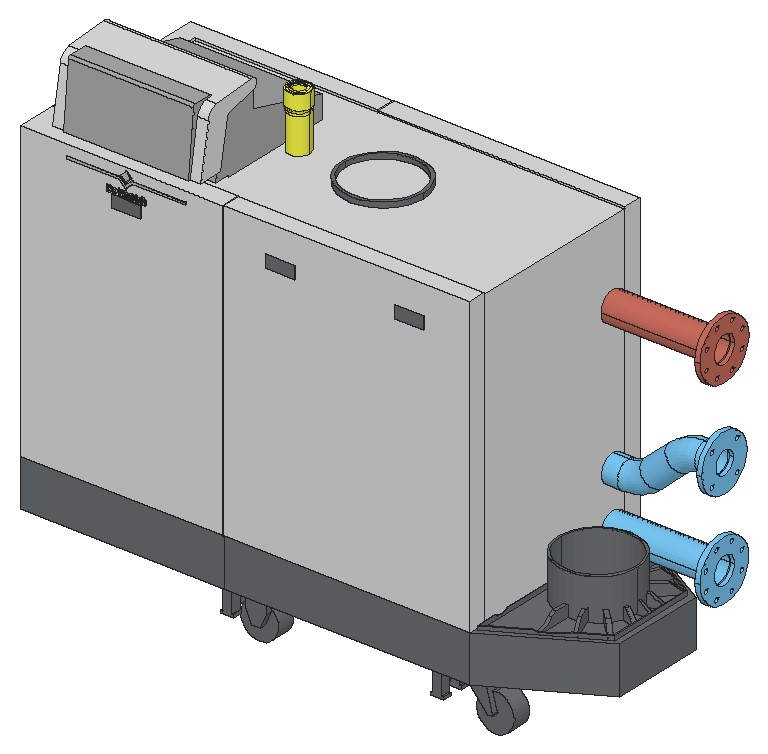
Revit family "HC_Boiler_Condensate Flow_MEPcontent_De Dietrich Thermique_C 340 5-7_Right_FR-FR", category Mechanical Equipment, Revit 2018
Family settings
  Round Connector Dimension = Use Diameter
  Classification = None
  Part Type = Normal
  OmniClass Number = 23.75.10.11.14
  OmniClass Title = Hot Water Heat Generators
  Work Plane-Based = No
  Always vertical = Yes
  Cut with Voids When Loaded = No
  Shared = No
  Room Calculation Point = No
Parameters (values of type "280 VD")
  Yellow = Color RGB 255-255-000
  Wholesaler Art. No. = ""
  Wholesaler = ""
  White = Color RGB 219-219-219
  Watermarked By = "https://mep.trimble.com"
  Voltage = 230 V
  Use Nominal Diameter = yes
  URL = "https://mep.trimble.com"
  Supply Air Flow [instance] = 0.0 L/s
  Stabu Code = ""
  Show Service Space [instance] = no
  Safety Valve Diameter = if(Use Nominal Diameter, 65 mm, 76.1 mm)  # 65 mm
  Safety Valve Connection Size = 40 mm
  Power [instance] = 0 VA
  Optional Connection [instance] = yes
  Logo = Color RGB 165-173-178
  Control Unit on Back [instance] = no
  Revit Version = "2018"  # constant formula
  Red = Color RAL 2002
  Product Line = "De Dietrich Thermique"  # constant formula
  Pipe Type Category = "M561"  # constant formula
  Phase = 1
  Overall Width = 707 mm
  Overall Length = 1862 mm
  Overall Height = 1550 mm
  Model = "280 VD"
  Manufacturer URL = "http://pro.dedietrich-thermique.fr/fr/site_pro"
  Manufacturer Art. No. = "7769076"
  Manufacturer = "De Dietrich Thermique"  # constant formula
  MEPcontent Class = "BOILER_CONDENSATE_FLOW"  # constant formula
  Light Gray = Color RGB 145-145-145
  Control Unit on Side [instance] = not(Control Unit on Back)  # yes
  Internal Art. No. = ""
  IFCExportType = "NOTDEFINED"  # constant formula
  IFCExportAs = "IfcBoiler"  # constant formula
  Hydronic Supply Flow 1 [instance] = Hydronic Return Flow 1  # 0.0 L/s
  Hydronic Return Flow 2 [instance] = 0.0 L/s
  Hydronic Return Flow 1 [instance] = 0.0 L/s
  Grey = Color RAL 7016
  Glass = Color RGB 218-227-224
  Gas Flow [instance] = 0.0 L/s
  GTIN = "8713809338886"
  GLN = "8713809000004"
  Function Code [instance] = ""
  Fuel Connection Size = if(Use Nominal Diameter, 50 mm, 60.3 mm)  # 50 mm
  Flue Gas Flow [instance] = 0.0 L/s
  Flue Connection Size = 250 mm
  Flow and Return Connection Size = if(Use Nominal Diameter, 80 mm, 88.9 mm)  # 80 mm
  Drain Fixture Units [instance] = 0
  Family Version = "12.18"  # constant formula
  ETIM Article Class = "EC010232"  # constant formula
  EMCS Version = "4.0"  # constant formula
  Drain Connection Size = 20 mm
  Description = "C 340 - 280 VD"
  Custom = no
  Copyright = "© Trimble Europe BV"  # constant formula
  Content Supplier URL = "www.MEPcontent.com"
  Connector Placement [instance] = 115 mm  # constant formula
  Condensate Drain Size = 32 mm
  CB-NL Class = ""
  Blue = Color RGB 075-186-252
  Base Family Version = "12.19"  # constant formula
  Article Type = "280 VD"
  Article Description = "C 340 - 280 VD"
  Air Inlet Connection Size = 250 mm
  Access Clearance Top = 450 mm
  Access Clearance Right = 150 mm
  Access Clearance Rear = 300 mm
  Access Clearance Left = 800 mm
  Access Clearance Front = 800 mm
  Access Clearance Bottom = 0 mm
Reference planes
  plane 1 "Center (Front/Back)": y = 0
  plane 2: z = 0
  plane 3 "Center (Left/Right)": x = 0
  plane 4: x = -931
  plane 5: x = 931
  plane 6: y = 353.5
  plane 7: y = -353.5
  plane 8: z = 1550
  plane 9: z = 155
  plane 10: z = 1293
  plane 11: x = -559
  plane 12: z = 1023
  plane 13: z = 686
  plane 14: z = 366
  plane 15: y = 238.5
  plane 16: y = 238.5
  plane 17: y = 0.5
  plane 18: x = 11
  plane 19: z = 1477
Dimensions and locks
  equal spacing: plane 7, plane 1 "Center (Front/Back)", plane 6
  equal spacing: plane 4, plane 3 "Center (Left/Right)", plane 5
  plane 4 to plane 5 = 1862 mm
  plane 6 to plane 7 = 707 mm
  plane 8 to plane 2 = 1550 mm
  locked: plane 9 to plane 2 at 155
  plane 5 to plane 11 = 1490 mm
  plane 8 to plane 10 = 257 mm
  nested 1 to plane 6 = 300 mm
  plane 7 to nested 1 = 800 mm
  nested 1 to plane 4 = 150 mm
  plane 14 to level = 366 mm
  plane 13 to plane 14 = 320 mm
  plane 12 to plane 13 = 337 mm
  plane 6 to plane 15 = 115 mm
  "Connector Placement": plane 6 to plane 16
  plane 9 to level = 155 mm
  plane 18 to plane 5 = 920 mm
  plane 19 to level = 1477 mm
  plane 10 to level = 1293 mm
  locked: plane 10 to plane 9 at 1138
  plane 5 to nested 1 = 800 mm
  aligned and locked: level to plane 2
Nested families
  nested 1: "Service Space" at (650, 0, 0), visible <- "Show Service Space", Show Service Area <- "Show Service Space", type "Service Space"
    with Show Service Area no, Depth 707 mm, Top Clearance 450 mm, Right Clearance 150 mm, Front Clearance 800 mm, Width 1862 mm, Height 1550 mm, Back Clearance 300 mm
  nested 2: "3D Geometry" at (0, 0, 0) x (-1, 0, 0) z (0, 0, 1), Control Unit on Back <- "Control Unit on Back", Optional Connection <- "Optional Connection", type "3D Geometry"
    with Supply Air Flow 0.0 L/s, Show Service Space no, Optional Connection yes, Hydronic Supply Flow 1 0.0 L/s, Hydronic Return Flow 2 0.0 L/s, Hydronic Return Flow 1 0.0 L/s, Gas Flow 0.0 L/s, Function Code "", Flue Gas Flow 0.0 L/s, Drain Fixture Units 0, Control Unit on Side yes, Control Unit on Back no, Connector Placement 115 mm
Connectors
  piping at (931, 238.5, 1023), diameter 80, driven by "Flow and Return Connection Size", driven by "Hydronic Supply Flow 1"
    settings: on nested 2, index 1, connector inside diameter 609.6 mm, connector length 0 mm, flow factor 0, pipe flow 0.0 L/s, pressure drop 0.0 Pa, fitting loss kfactor 0, connector angle 0.00°, fixture units 0, engagement length 0 mm, angle of deflection 0.00°, flow configuration 0, flow direction 2, fitting loss method 0, system type 7, joint type 0, gender type 0, connector reference index -1, connector utility 0, adjustable connector no, is connector primary yes, connector description "Hydronic Supply 1[0]"
  piping at (931, 239.594, 686), diameter 65, driven by "Safety Valve Diameter", driven by "Hydronic Return Flow 2"
    settings: on nested 2, index 2, connector inside diameter 609.6 mm, connector length 0 mm, flow factor 0, pipe flow 0.0 L/s, pressure drop 0.0 Pa, fitting loss kfactor 0, connector angle 0.00°, fixture units 0, engagement length 0 mm, angle of deflection 0.00°, flow configuration 0, flow direction 1, fitting loss method 0, system type 7, joint type 0, gender type 0, connector reference index -1, connector utility 0, adjustable connector no, is connector primary no, connector description "Hydronic Return 2[0]"
  piping at (931, 238.5, 366), diameter 80, driven by "Flow and Return Connection Size", driven by "Hydronic Return Flow 1"
    settings: on nested 2, index 3, connector inside diameter 609.6 mm, connector length 0 mm, flow factor 0, pipe flow 0.0 L/s, pressure drop 0.0 Pa, fitting loss kfactor 0, connector angle 0.00°, fixture units 0, engagement length 0 mm, angle of deflection 0.00°, flow configuration 1, flow direction 1, fitting loss method 0, system type 7, joint type 0, gender type 0, connector reference index -1, connector utility 0, adjustable connector no, is connector primary no, connector description "Hydronic Return 1[0]"
  piping at (703.515, 0, 447), diameter 250, driven by "Flue Connection Size", driven by "Flue Gas Flow"
    settings: on nested 2, index 4, connector inside diameter 609.6 mm, connector length 0 mm, flow factor 0, pipe flow 0.0 L/s, pressure drop 0.0 Pa, fitting loss kfactor 0, connector angle 0.00°, fixture units 0, engagement length 0 mm, angle of deflection 0.00°, flow configuration 1, flow direction 2, fitting loss method 0, system type 7, joint type 0, gender type 0, connector reference index -1, connector utility 0, adjustable connector no, is connector primary no, connector description "Flue Gas"
  piping at (-290, 0.5, 1477), diameter 50, driven by "Fuel Connection Size", driven by "Gas Flow"
    settings: on nested 2, index 6, connector inside diameter 609.6 mm, connector length 0 mm, flow factor 0, pipe flow 0.0 L/s, pressure drop 0.0 Pa, fitting loss kfactor 0, connector angle 0.00°, fixture units 0, engagement length 0 mm, angle of deflection 0.00°, flow configuration 1, flow direction 1, fitting loss method 0, system type 22, joint type 0, gender type 0, connector reference index -1, connector utility 0, adjustable connector no, is connector primary no, connector description "Gas"
  piping at (-496.822, 0, 130), diameter 32, driven by "Condensate Drain Size", driven by "Drain Fixture Units"
    settings: on nested 2, index 7, connector inside diameter 609.6 mm, connector length 0 mm, flow factor 0, pipe flow 0.0 L/s, pressure drop 0.0 Pa, fitting loss kfactor 0, connector angle 0.00°, fixture units 0, engagement length 0 mm, angle of deflection 0.00°, flow configuration 3, flow direction 2, fitting loss method 0, system type 16, joint type 0, gender type 0, connector reference index -1, connector utility 0, adjustable connector no, is connector primary no, connector description "Drain"
  hvac at (-10.153, 0.5, 1310), driven by "Air Inlet Connection Size", driven by "Supply Air Flow"
    settings: on nested 2, index 8, duct flow 0.0 L/s, flow factor 0, pres drop 0.0 bar, loss coef 0, conn angle 0.00°, conn width 304.8 mm, conn height 304.8 mm, conn diameter 250 mm, duct sys type 1, conn prof type 0, flow config 1, flow direction 1, loss method 0, conn ref index -1, conn util no, is conn primary yes, conn desc "Supply Air"
  electrical at (-932.347, -0.5, 801.5), driven by "Phase", driven by "Voltage", driven by "Power"
    settings: on nested 2, index 9, voltage 230 V, apparent load 0 VA, apparent load phase1 0 VA, apparent load phase2 0 VA, apparent load phase3 0 VA, power factor 1, load classification "Other", number of poles 1, system type 30, power factor state 1, is connector primary yes, connector utility no, sub classification motor no, connector description "Voltage"
Definition of nested family "3D Geometry"
  Parameters (values of type "3D Geometry")
    Yellow = none
    Wholesaler Art. No. = ""
    Wholesaler = ""
    White = none
    Weekly = ""
    Watermarked By = "www.stabiplan.com"
    Water Treatment Required = yes
    Water Content = 49.0 L
    Warranty ID = ""
    Voltage = 230 V
    Use Nominal Diameter = yes
    URL = "www.stabiplan.com"
    Type = "Space heating"
    Turndown Ratio = "4.9"
    Supply Phase = 1
    Supply Air Flow [instance] = 0.0 L/s
    Starting Current = 0 A
    Stabu Code = ""
    Sound Pressure Level = "77.6 dBA"
    Show Service Space [instance] = no
    Shipping Weight = 0.00 kg
    Shape = "Rectangular (Horizontal)"
    Safety Valve Diameter = if(Use Nominal Diameter, 65 mm, 76.1 mm)  # 65 mm
    Safety Valve Connection Type = "Threaded"
    Safety Valve Connection Size = 40 mm
    Optional Connection [instance] = no
    Logo = none
    Light Gray = none
    Control Unit on Back [instance] = yes
    Revit Version = "2018"  # constant formula
    Responsible Sourcing of Materials = ""
    Responsible Extraction of Materials = ""
    Reference Standard = "2009/142EC 92/42EEC"
    Red = none
    Rated Output = 258 W
    Rated Criteria = "80/60"
    Quarterly = ""
    Product Range = "Gas 320 Ace 285"
    Product Model Number = ""
    Product Literature = "https://www.remeha.co.uk/product-documents/current-literature"
    Product Line = "Gas 320 Ace"  # constant formula
    Primary Fuel = "Gas - NG"
    Pipe Type Category = "M561"  # constant formula
    Phase = 1
    Overall Width = 707 mm
    Overall Length = 1862 mm
    Overall Height = 1550 mm
    Optional Fuel = "No Optional Fuel"
    Oil Consumption rate = 0
    O&M Manual = "https://www.remeha.co.uk/product-documents/current-literature"
    Nominal Oil Inlet Pressure = 0.0 bar
    Nominal Gas Inlet Pressure = 0.017 bar
    NOx Emissions = "0 mg/kWh"
    Mounting = "Floor Standing"
    Monthly = ""
    Model = "285"
    Minimum Power Consumption = 46 W
    Minimum Operating Pressure = 0.8 bar
    Minimum Oil Inlet Pressure = 0.0 bar
    Minimum Gas Inlet Pressure = 0.017 bar
    Minimum Flow Rate at 20C temperature differential = 3.09 L/s
    Minimum Flow Rate at 11C temperature differential = 5.61 L/s
    Maximum Power Consumption = 279 W
    Maximum Operating Pressure = 7.0 bar
    Maximum Oil Inlet Pressure = 0.0 bar
    Maximum Gas Inlet Pressure = 0.03 bar
    Material Ingredient Reporting = ""
    Manufacturer Website = "https://www.remeha.co.uk/"
    Manufacturer URL = "https://www.remeha.co.uk/"
    Manufacturer Art. No. = ""
    Manufacturer = "Remeha"  # constant formula
    Maintenance Required 8001-12000hrs = ""
    Maintenance Required 601-1000hrs = ""
    Maintenance Required 4001-8000hrs = ""
    Maintenance Required 301-600hrs = ""
    Maintenance Required 2001-4000hrs = ""
    Maintenance Required 1001-2000hrs = ""
    Maintenance Required 0-300hrs = ""
    MEPcontent Class = "BOILER_CONDENSATE_FLOW"  # constant formula
    Location of Manufacturer = ""
    Life Cycle Analysis = 0
    Control Unit on Side [instance] = if(Control Unit on Back, 1 = 0, 1 = 1)  # no
    Internal Art. No. = ""
    Interlocks = yes
    IP Rating = "X1B"
    IK Rating = ""
    IFCExportType = "NOTDEFINED"  # constant formula
    IFCExportAs = "IfcBoiler"  # constant formula
    Hydronic Supply Flow 1 [instance] = Hydronic Return Flow 1  # 0.0 L/s
    Hydronic Return Flow 2 [instance] = 0.0 L/s
    Hydronic Return Flow 1 [instance] = 0.0 L/s
    Hydraulic Resistance at 20C temperature differential = 0.113 bar
    Hydraulic Resistance at 11C temperature differential = 0.374 bar
    Heater Operation = "Condensing"
    Heat Exchanger Material = "Aluminium"
    Gross Weight = 364.00 kg
    Grey = none
    Green Guide for Specification = ""
    Glass = none
    Gas Flow [instance] = 0.0 L/s
    Gas Consumption rate = "28.1 m3/h"
    GTIN = ""
    GLN = "8713809000004"
    Fuse Rating = 10 A
    Function Code [instance] = ""
    Full Load Current = 0 A
    Fuel Connection Type = "Threaded"
    Fuel Connection Size = if(Use Nominal Diameter, 50 mm, 60.3 mm)  # 50 mm
    Frequency = 50 Hz
    Flue or Air Intake Classification = "B23,B23P,C33,C53,C63,C83,C93"
    Flue Gas Flow [instance] = 0.0 L/s
    Flue Connection Size = 250 mm
    Flow and Return Connection Type = "Flanged"
    Flow and Return Connection Size = if(Use Nominal Diameter, 80 mm, 88.9 mm)  # 80 mm
    Drain Fixture Units [instance] = 0
    Finish = "Gloss Grade 70% ISO2813"
    Features = "Remeha's Gas 320 Ace 285 range are compact high efficiency floor standing gas condensing boilers. Ideally suited for single or multiple cascade arrangments for new and refurbishment projects"
    Family Version = "12.17"  # constant formula
    External Material = "Steel"
    Expected Life = "15"
    ErP Seasonal Efficiency = "0 %"
    ErP Rated Efficiency at Part Load = "98.6 %"
    ErP Rated Efficiency at Full Load = "88.2 %"
    ErP Energy Label = ""
    Environmental Product Declaration = ""
    Energy Technology List = ""
    Embodied Carbon  = ""
    ETIM Article Class = "EC010232"  # constant formula
    EMCS Version = "4.0"  # constant formula
    Drain Connection Type = "Unset"
    Drain Connection Size = 20 mm
    Description = "Gas condensing boilers"
    Daily = ""
    Custom = no
    Copyright = "© Stabiplan International BV"  # constant formula
    Control Type = "R-Bus,0 - 10V, Open Therm, Volt free enable, Direct boiler weather compensating control systems available from Remeha as optional extra's."
    Content Supplier URL = "www.MEPcontent.com"
    Connector Placement [instance] = 115 mm  # constant formula
    Configuration = "Single boiler"
    Condensate Drain Type = "Threaded"
    Condensate Drain Size = 32 mm
    Colour = "RAL 2002Red : RAL 7016 Dark Grey"
    CE Approval = "0063CU3937"
    CB-NL Class = ""
    Burner Control Type = "Modulating"
    Building Regulations Seasonal Efficiency = "96.62 %"
    Blue = none
    Bespoke Timeframe = ""
    Base Family Version = "12.17"  # constant formula
    BMS Links = yes
    Article Type = "285"
    Article Description = "Gas condensing boilers"
    Annually = "As per attached URL O & M Manual"
    Air Inlet Connection Size = 250 mm
    Additional Technical Details = ""
    Access Clearance Top = 450 mm
    Access Clearance Right = 150 mm
    Access Clearance Rear = 300 mm
    Access Clearance Left = 800 mm
    Access Clearance Front = 800 mm
    Access Clearance Bottom = 0 mm
    6 Monthly = ""
  Reference planes
    plane 1 "Center (Front/Back)": y = 0
    plane 2: z = 0
    plane 3 "Center (Left/Right)": x = 0
    plane 4: x = -931
    plane 5: x = 931
    plane 6: y = 353.5
    plane 7: y = -353.5
    plane 8: z = 1550
    plane 9: z = 155
    plane 10: z = 1293
    plane 11: x = -559
    plane 12: z = 1023
    plane 13: z = 686
    plane 14: z = 366
    plane 15: y = 238.5
    plane 16: y = 238.5
    plane 17: y = 0.5
    plane 18: x = 11
    plane 19: z = 1477
  Forms (mm)
    Extrusion 1, solid, material <- "Grey", detail levels fine
      sketch origin (14.5, 351, 0) x (-1, 0, 0) y (0, -1, 0)
        loop
          line (-243, -2.5) -> (574.658, -2.5) -> (916.5, 195.03) -> (916.5, 507.97) -> (574.658, 704.5) -> (-243, 704.5) -> (-916.5, 704.5) -> (-916.5, -2.5) -> (-243, -2.5)
      from 155 to 310
    Extrusion 2, solid, material <- "Grey", detail levels fine
      sketch origin (14.5, 247.05, 366) x (0, 0, -1) y (-1, 0, 0)
        loop
          circle (303.778, 613.979) r 62.485
      from -11.05 to 48.95
    Extrusion 3, solid, material <- "Grey", detail levels fine
      sketch origin (14.5, 247.05, 366) x (0, 0, -1) y (-1, 0, 0)
        loop
          line (211, 594) -> (211, 519) -> (308.122, 600.495) -> (308.122, 614)
          arc (308.122, 614) -> (306.314, 617.667) -> (302.304, 618.465) r 4.622
          line (302.304, 618.465) -> (211, 594)
      from 0 to 63.95
    Extrusion 4, solid, material <- "Grey", detail levels fine
      sketch origin (14.5, 247.05, 366) x (0, 0, -1) y (-1, 0, 0)
        loop
          line (296, 430) -> (296, 423.787) -> (306, 423.787) -> (306, 466.213) -> (296, 466.213) -> (296, 460) -> (211, 460) -> (211, 430) -> (296, 430)
      from -24.05 to 5.95
    Extrusion 5, solid, material <- "Grey", detail levels fine
      sketch origin (14.5, 302.436, 366) x (0, 0, -1) y (1, 0, 0)
        loop
          line (296, -430) -> (211, -430) -> (211, -460) -> (296, -460) -> (296, -466.213) -> (306, -466.213) -> (306, -423.787) -> (296, -423.787) -> (296, -430)
      from -24.05 to 5.95
    Extrusion 6, solid, material <- "Grey", detail levels fine
      sketch origin (14.5, -247.05, 366) x (0, 0, -1) y (1, 0, 0)
        loop
          circle (303.778, -613.979) r 62.485
      from -11.05 to 48.95
    Extrusion 7, solid, material <- "Grey", detail levels fine
      sketch origin (14.5, -247.05, 366) x (0, 0, -1) y (1, 0, 0)
        loop
          line (211, -594) -> (302.304, -618.465)
          arc (302.304, -618.465) -> (306.314, -617.667) -> (308.122, -614) r 4.622
          line (308.122, -614) -> (308.122, -600.495) -> (211, -519) -> (211, -594)
      from 0 to 63.95
    Extrusion 8, solid, material <- "Grey", detail levels fine
      sketch origin (14.5, -247.05, 366) x (0, 0, -1) y (1, 0, 0)
        loop
          line (296, -430) -> (211, -430) -> (211, -460) -> (296, -460) -> (296, -466.213) -> (306, -466.213) -> (306, -423.787) -> (296, -423.787) -> (296, -430)
      from -24.05 to 5.95
    Extrusion 9, solid, material <- "Grey", detail levels fine
      sketch origin (14.5, -302.436, 366) x (0, 0, -1) y (-1, 0, 0)
        loop
          line (296, 430) -> (296, 423.787) -> (306, 423.787) -> (306, 466.213) -> (296, 466.213) -> (296, 460) -> (211, 460) -> (211, 430) -> (296, 430)
      from -24.05 to 5.95
    Extrusion 10, solid, material <- "Grey", detail levels fine
      sketch origin (1019.5, 247.05, 366) x (0, 0, -1) y (-1, 0, 0)
        loop
          circle (303.778, 837.172) r 62.485
      from -11.05 to 48.95
    Extrusion 11, solid, material <- "Grey", detail levels fine
      sketch origin (1019.5, 247.05, 366) x (0, 0, -1) y (-1, 0, 0)
        loop
          line (268.896, 872.18) -> (211, 872.18) -> (211, 802.164) -> (268.896, 802.164) -> (316.024, 822.169) -> (316.024, 852.176) -> (268.896, 872.18)
      from 0 to 63.95
    Extrusion 12, solid, material <- "Grey", detail levels fine
      sketch origin (1019.5, 247.05, 366) x (0, 0, -1) y (-1, 0, 0)
        loop
          line (296, 739.5) -> (296, 733.287) -> (306, 733.287) -> (306, 775.713) -> (296, 775.713) -> (296, 769.5) -> (211, 769.5) -> (211, 739.5) -> (296, 739.5)
      from -24.05 to 5.95
    Extrusion 13, solid, material <- "Grey", detail levels fine
      sketch origin (1019.5, 302.436, 366) x (0, 0, -1) y (1, 0, 0)
        loop
          line (296, -739.5) -> (211, -739.5) -> (211, -769.5) -> (296, -769.5) -> (296, -775.713) -> (306, -775.713) -> (306, -733.287) -> (296, -733.287) -> (296, -739.5)
      from -24.05 to 5.95
    Extrusion 14, solid, material <- "Grey", detail levels fine
      sketch origin (1019.5, -247.05, 366) x (0, 0, -1) y (1, 0, 0)
        loop
          circle (303.778, -837.172) r 62.485
      from -11.05 to 48.95
    Extrusion 15, solid, material <- "Grey", detail levels fine
      sketch origin (1019.5, -247.05, 366) x (0, 0, -1) y (1, 0, 0)
        loop
          line (211, -802.164) -> (211, -872.18) -> (268.896, -872.18) -> (316.024, -852.176) -> (316.024, -822.169) -> (268.896, -802.164) -> (211, -802.164)
      from 0 to 63.95
    Extrusion 16, solid, material <- "Grey", detail levels fine
      sketch origin (1019.5, -247.05, 366) x (0, 0, -1) y (1, 0, 0)
        loop
          line (296, -739.5) -> (211, -739.5) -> (211, -769.5) -> (296, -769.5) -> (296, -775.713) -> (306, -775.713) -> (306, -733.287) -> (296, -733.287) -> (296, -739.5)
      from -24.05 to 5.95
    Extrusion 17, solid, material <- "Grey", detail levels fine
      sketch origin (1019.5, -302.436, 366) x (0, 0, -1) y (-1, 0, 0)
        loop
          line (296, 739.5) -> (296, 733.287) -> (306, 733.287) -> (306, 775.713) -> (296, 775.713) -> (296, 769.5) -> (211, 769.5) -> (211, 739.5) -> (296, 739.5)
      from -24.05 to 5.95
    Extrusion 18, solid, material <- "White", detail levels fine
      sketch origin (14.5, 351, 0) x (-1, 0, 0) y (0, -1, 0)
        loop
          line (573.5, -2.5) -> (573.5, 59.5) -> (-243, 59.5) -> (-855, 59.5) -> (-855, 643.5) -> (573.5, 643.5) -> (573.5, 704.5) -> (-243, 704.5) -> (-916.5, 704.5) -> (-916.5, -2.5) -> (-243, -2.5) -> (573.5, -2.5)
      from 310 to 1293
    Extrusion 19, solid, material <- "White", detail levels fine
      sketch origin (14.5, 351, 0) x (-1, 0, 0) y (0, -1, 0)
        loop
          line (-243, 59.5) -> (573.5, 59.5) -> (573.5, 643.5) -> (-855, 643.5) -> (-855, 59.5) -> (-243, 59.5)
      from 310 to 1287
    Extrusion 20, solid, material <- "Grey", detail levels fine
      sketch origin (14.5, 247.05, 366) x (0, 0, -1) y (-1, 0, 0)
        loop
          line (248.233, -439.5) -> (248.233, -429.5) -> (361, -429.5) -> (361, -389.5) -> (331, -389.5) -> (331, -312.5) -> (211, -312.5) -> (211, -439.5) -> (248.233, -439.5)
      from -312.05 to -182.05
    Extrusion 21, solid, material <- "Grey", detail levels fine
      sketch origin (14.5, 244.407, 366) x (0, 0, -1) y (-1, 0, 0)
        loop
          line (-832.014, -102.008) -> (-791.002, -102.008) -> (-791.002, -5.004) -> (-832.014, -5.004) -> (-832.014, -102.008)
        loop
          line (-832.014, 326.501) -> (-791.002, 326.501) -> (-791.002, 423.505) -> (-832.014, 423.505) -> (-832.014, 326.501)
        loop
          line (-832.014, -612.498) -> (-791.002, -612.498) -> (-791.002, -515.494) -> (-832.014, -515.494) -> (-832.014, -612.498)
      from -598.107 to -594.706
    Extrusion 22, solid, material <- "White", detail levels fine
      sketch origin (14.5, 351, 0) x (0, 1, 0) y (0, 0, -1)
        loop
          line (-137, -310) -> (-566, -310) -> (-566, -1293) -> (-137, -1293) -> (-137, -310)
      from -917.847 to -916.5
    Extrusion 23, solid, material <- "Grey", detail levels fine
      sketch origin (14.5, 351.146, 0) x (0, 1, 0) y (0, 0, -1)
        loop
          line (-595.437, -310) -> (-595.437, -317.361)
          arc (-595.437, -317.361) -> (-568.185, -321.879) -> (-547.708, -340.419) r 49
          line (-547.708, -340.419) -> (-528.796, -349.5) -> (-479.796, -349.5) -> (-479.796, -310) -> (-595.437, -310)
      from 710.659 to 722.721
    Extrusion 24, solid, material <- "Grey", detail levels fine
      sketch origin (14.5, -351, 0) x (0, -1, 0) y (0, 0, 1)
        loop
          line (-481.432, 349.5) -> (-530.453, 349.5) -> (-596.711, 320) -> (-596.711, 310) -> (-481.432, 310) -> (-481.432, 349.5)
      from 710.659 to 722.721
    Extrusion 25, solid, material <- "Grey", detail levels fine
      sketch origin (241.682, -23.833, 0) x (0.374607, -0.927184, 0) y (0, 0, 1)
        loop
          line (-505.854, 349.5) -> (-556.289, 349.5) -> (-595.437, 317.5) -> (-595.437, 310) -> (-505.854, 310) -> (-505.854, 349.5)
      from 865.159 to 877.221
    Extrusion 26, solid, material <- "Grey", detail levels fine
      sketch origin (167.727, 367.176, 0) x (0.71934, -0.694658, 0) y (0, 0, 1)
        loop
          line (-501.507, 349.5) -> (-556.289, 349.5) -> (-597.292, 316.102) -> (-597.292, 310) -> (-501.507, 310) -> (-501.507, 349.5)
      from 865.159 to 877.221
    Extrusion 27, solid, material <- "Grey", detail levels fine
      sketch origin (-29.587, 691.406, 0) x (0.945519, -0.325568, 0) y (0, 0, 1)
        loop
          line (-541.08, 349.5) -> (-556.289, 349.5) -> (-594.41, 318.274) -> (-594.41, 310) -> (-541.08, 310) -> (-541.08, 349.5)
      from 865.159 to 877.221
    Extrusion 28, solid, material <- "Grey", detail levels fine
      sketch origin (-438.442, 872.84, 0) x (1, 0, 0) y (0, 0, 1)
        loop
          line (-394.689, 349.5) -> (-401.789, 349.5) -> (-438.646, 321.726) -> (-438.646, 310) -> (-394.689, 310) -> (-394.689, 349.5)
      from 865.159 to 877.221
    Extrusion 29, solid, material <- "Grey", detail levels fine
      sketch origin (-29.587, -691.406, 0) x (0.945519, 0.325568, 0) y (0, 0, -1)
        loop
          line (-542.69, -349.5) -> (-542.69, -310) -> (-593.583, -310) -> (-593.583, -318.897) -> (-556.289, -349.5) -> (-542.69, -349.5)
      from 865.159 to 877.221
    Extrusion 30, solid, material <- "Grey", detail levels fine
      sketch origin (241.682, 23.833, 0) x (0.374607, 0.927184, 0) y (0, 0, -1)
        loop
          line (-503.593, -349.5) -> (-503.593, -312.5) -> (-591.94, -312.5) -> (-591.94, -320.842) -> (-553.909, -349.5) -> (-503.593, -349.5)
      from 865.159 to 877.221
    Extrusion 31, solid, material <- "Grey", detail levels fine
      sketch origin (14.5, 351, 0) x (-1, 0, 0) y (0, -1, 0)
        loop
          line (582.5, 680.368) -> (582.5, 21.632) -> (892.5, 200.829) -> (892.5, 502.171) -> (582.5, 680.368)
        loop
          line (585.5, 675.179) -> (585.5, 26.821) -> (889.5, 202.563) -> (889.5, 500.437) -> (585.5, 675.179)
      from 310 to 324.816
    Extrusion 32, solid, material <- "Grey", detail levels fine
      sketch origin (14.5, 351, 0) x (-1, 0, 0) y (0, -1, 0)
        loop
          circle (718.015, 351) r 125
        loop
          circle (718.015, 351) r 132
      from 310 to 447
    Extrusion 33, solid, material <- "Blue", detail levels fine
      sketch origin (14.5, 349.5, -2.5) x (0, 1, 0) y (0, 0, -1)
        loop
          circle (-111, -368.5) r 44.45
        loop
          circle (-111, -368.5) r 49
      from 573.5 to 928.5
    Extrusion 34, solid, material <- "Red", detail levels fine
      sketch origin (14.5, 340.125, 650.996) x (0, 1, 0) y (0, 0, -1)
        loop
          circle (-101.625, -372.004) r 44.45
        loop
          circle (-101.625, -372.004) r 49
      from 573.5 to 928.5
    Extrusion 35, solid, material <- "Grey", detail levels fine
      sketch origin (12.207, 351.5, 0) x (-1, 0, 0) y (0, -1, 0)
        loop
          circle (1.207, 351) r 125
        loop
          circle (2.054, 351) r 135
      from 1293 to 1310
    Extrusion 36, solid, material <- "Yellow", detail levels fine
      sketch origin (14.5, 351.5, 0) x (-1, 0, 0) y (0, -1, 0)
        loop
          circle (-275.5, 351) r 30.15
        loop
          circle (-275.316, 351) r 35
      from 1293 to 1477
    Extrusion 37, solid, material <- "Grey", detail levels fine
      sketch origin (14.5, 351, 0) x (-1, 0, 0) y (0, -1, 0)
        loop
          circle (-482.322, 351) r 21.2
      from 130 to 155
    Sweep 38, solid, material <- "Blue", visible <- "Optional Connection", detail levels fine
      path origin (0, 238.5, 1711.733) x (0, 0, 1) y (-1, 0, 0)
        loop
          line (-1025.733, 914) -> (-1025.733, 869.801)
          arc (-1025.733, 869.801) -> (-1034.464, 823.656) -> (-1059.451, 783.892) r 126.3
          line (-1059.451, 783.892) -> (-1136.758, 700.581)
          arc (-1136.758, 700.581) -> (-1161.745, 660.816) -> (-1170.477, 614.672) r 126.3
          line (-1170.477, 614.672) -> (-1170.477, 559)
      profile origin (-891.9, 238.5, 686) x (0, 0, 1) y (0, -1, 0)
        loop
          circle (0, 1) r 45.7
        loop
          circle (0, 0.844) r 38.05
    Extrusion 39, void
      sketch origin (169, 988.676, 5) x (0, 1, 0) y (0, 0, 1)
        loop
          line (-1342.176, 1288) -> (-1342.176, 150) -> (-1334.676, 150) -> (-1334.676, 1280.903) -> (-642.676, 1280.903) -> (-642.676, 150) -> (-635.176, 150) -> (-635.176, 1288) -> (-1342.176, 1288)
      from 87 to 90.5
    Extrusion 40, solid, material <- "Red", detail levels fine
      sketch origin (170, 2125.587, -334.845) x (0, 1, 0) y (0, 0, 1)
        loop
          circle (-1887.087, 1357.845) r 99.5
        loop
          circle (-1917.587, 1431.845) r 9
        loop
          circle (-1854.313, 1431.845) r 9
        loop
          circle (-1917.587, 1283.845) r 9
        loop
          circle (-1854.313, 1283.845) r 9
        loop
          circle (-1813.087, 1388.345) r 9
        loop
          circle (-1813.087, 1327.345) r 9
        loop
          circle (-1961.087, 1388.345) r 9
        loop
          circle (-1961.087, 1327.345) r 9
        loop
          circle (-1887.087, 1357.845) r 44.45
      from -1101 to -1084
    Extrusion 41, solid, material <- "Blue", detail levels fine
      sketch origin (170, 2134.458, -990.844) x (0, 1, 0) y (0, 0, 1)
        loop
          circle (-1895.958, 1356.844) r 99.5
        loop
          circle (-1928.731, 1430.844) r 9
        loop
          circle (-1865.458, 1430.844) r 9
        loop
          circle (-1928.731, 1282.844) r 9
        loop
          circle (-1865.458, 1282.844) r 9
        loop
          circle (-1824.231, 1387.344) r 9
        loop
          circle (-1824.231, 1326.344) r 9
        loop
          circle (-1972.231, 1387.344) r 9
        loop
          circle (-1972.231, 1326.344) r 9
        loop
          circle (-1895.958, 1356.844) r 44.45
      from -1101 to -1084
    Revolve 42, solid, material <- "Yellow", detail levels fine
      sketch origin (14.5, 0.5, 364) x (0, 0, -1) y (-1, 0, 0)
        loop
          line (-1113, -314.329) -> (-1064.5, -314.329) -> (-1055.271, -311.229) -> (-1047.5, -311.229) -> (-1047.5, -296.329) -> (-1113, -296.329) -> (-1113, -314.329)
        axis (-1113, -275.5) -> (-1047.5, -275.5)
      angle from 0 to 360
    Extrusion 43, void
      sketch origin (14.5, 343.176, 0) x (1, 0, 0) y (0, 1, 0)
        loop
          circle (275.5, -342.7) r 25.4
      from 1289 to 1475
    Extrusion 44, solid, detail levels coarse+medium
      sketch origin (14.5, 351, 0) x (-1, 0, 0) y (0, -1, 0)
        loop
          line (-238.5, -2.5) -> (574.658, -2.5) -> (916.088, 194.792) -> (916.088, 508.298) -> (574.816, 704.5) -> (-238.5, 704.5) -> (-912, 704.5) -> (-912, -2.5) -> (-238.5, -2.5)
      from 155 to 310
    Extrusion 45, solid, detail levels coarse+medium
      sketch origin (14.5, 247.05, 366) x (0, 0, -1) y (-1, 0, 0)
        loop
          circle (303.778, 613.979) r 62.485
      from -11.05 to 48.95
    Extrusion 46, solid, detail levels coarse+medium
      sketch origin (14.5, 247.05, 366) x (0, 0, -1) y (-1, 0, 0)
        loop
          line (211, 594) -> (211, 519) -> (308.122, 600.495) -> (308.122, 614)
          arc (308.122, 614) -> (306.314, 617.667) -> (302.304, 618.465) r 4.622
          line (302.304, 618.465) -> (211, 594)
      from 0 to 63.95
    Extrusion 47, solid, detail levels coarse+medium
      sketch origin (14.5, -247.05, 366) x (0, 0, -1) y (1, 0, 0)
        loop
          circle (303.778, -613.979) r 62.485
      from -11.05 to 48.95
    Extrusion 48, solid, detail levels coarse+medium
      sketch origin (14.5, -247.05, 366) x (0, 0, -1) y (1, 0, 0)
        loop
          line (211, -594) -> (302.304, -618.465)
          arc (302.304, -618.465) -> (306.314, -617.667) -> (308.122, -614) r 4.622
          line (308.122, -614) -> (308.122, -600.495) -> (211, -519) -> (211, -594)
      from 0 to 63.95
    Extrusion 49, solid, detail levels coarse+medium
      sketch origin (1019.5, 247.05, 366) x (0, 0, -1) y (-1, 0, 0)
        loop
          circle (303.778, 837.172) r 62.485
      from -11.05 to 48.95
    Extrusion 50, solid, detail levels coarse+medium
      sketch origin (1019.5, 247.05, 366) x (0, 0, -1) y (-1, 0, 0)
        loop
          line (268.896, 872.18) -> (211, 872.18) -> (211, 802.164) -> (268.896, 802.164) -> (316.024, 822.169) -> (316.024, 852.176) -> (268.896, 872.18)
      from 0 to 63.95
    Extrusion 51, solid, detail levels coarse+medium
      sketch origin (1019.5, -247.05, 366) x (0, 0, -1) y (1, 0, 0)
        loop
          circle (303.778, -837.172) r 62.485
      from -11.05 to 48.95
    Extrusion 52, solid, detail levels coarse+medium
      sketch origin (1019.5, -247.05, 366) x (0, 0, -1) y (1, 0, 0)
        loop
          line (211, -802.164) -> (211, -872.18) -> (268.896, -872.18) -> (316.024, -852.176) -> (316.024, -822.169) -> (268.896, -802.164) -> (211, -802.164)
      from 0 to 63.95
    Extrusion 53, solid, detail levels coarse+medium
      sketch origin (14.5, 351, 0) x (-1, 0, 0) y (0, -1, 0)
        loop
          circle (718.015, 351) r 125
        loop
          circle (718.015, 351) r 132
      from 310 to 445
    Extrusion 54, solid, detail levels coarse+medium
      sketch origin (14.5, 349.5, -2.5) x (0, 1, 0) y (0, 0, -1)
        loop
          circle (-111, -368.5) r 44.45
        loop
          circle (-111, -368.5) r 49
      from 573.5 to 928.5
    Extrusion 55, solid, detail levels coarse+medium
      sketch origin (14.5, 340.125, 650.996) x (0, 1, 0) y (0, 0, -1)
        loop
          circle (-101.625, -372.004) r 44.45
        loop
          circle (-101.625, -372.004) r 49
      from 573.5 to 928.5
    Sweep 56, solid, visible <- "Optional Connection", detail levels coarse+medium
      path origin (14.5, 237.5, 363.5) x (0, 0, -1) y (-1, 0, 0)
        loop
          line (-322.5, 928.5) -> (-322.5, 883.802)
          arc (-322.5, 883.802) -> (-313.695, 837.472) -> (-288.509, 797.601) r 126.3
          line (-288.509, 797.601) -> (-211.747, 715.399)
          arc (-211.747, 715.399) -> (-186.561, 675.528) -> (-177.756, 629.198) r 126.3
          line (-177.756, 629.198) -> (-177.756, 573.5)
      profile origin (-891.651, 237.5, 686) x (0, 0, -1) y (0, 1, 0)
        loop
          circle (0, 0) r 45.7
        loop
          circle (0, -0.156) r 38.05
    Extrusion 57, solid, detail levels coarse+medium
      sketch origin (169, 2125.587, -334.845) x (0, 1, 0) y (0, 0, 1)
        loop
          circle (-1887.087, 1357.845) r 99.5
        loop
          circle (-1887.087, 1357.845) r 44.45
      from -1100 to -1083
    Extrusion 58, solid, detail levels coarse+medium
      sketch origin (169, 2134.458, -990.844) x (0, 1, 0) y (0, 0, 1)
        loop
          circle (-1895.958, 1356.844) r 99.5
        loop
          circle (-1895.958, 1356.844) r 44.45
      from -1100 to -1083
    Extrusion 59, solid, detail levels coarse+medium
      sketch origin (14.5, 342.676, 0) x (1, 0, 0) y (0, 1, 0)
        loop
          line (-573.5, 10.824) -> (-573.5, -696.176) -> (916.5, -696.176) -> (916.5, 10.824) -> (-573.5, 10.824)
      from 310 to 1293
    Extrusion 60, solid, detail levels coarse+medium
      sketch origin (19.379, 351.5, 0) x (-1, 0, 0) y (0, -1, 0)
        loop
          circle (9.031, 351) r 125
        loop
          circle (9.031, 351) r 135
      from 1293 to 1310
    Extrusion 61, solid, detail levels coarse+medium
      sketch origin (14.5, 353.5, 0) x (-1, 0, 0) y (0, -1, 0)
        loop
          circle (-275.5, 353) r 30.15
        loop
          circle (-275.316, 353) r 35
      from 1293 to 1477
    Extrusion 62, solid, material <- "Grey", detail levels fine
      sketch origin (167.727, -367.176, 0) x (0.71934, 0.694658, 0) y (0, 0, -1)
        loop
          line (-501.507, -349.5) -> (-501.507, -312.5) -> (-597.292, -312.5) -> (-597.292, -318.602) -> (-556.289, -349.5) -> (-501.507, -349.5)
      from 865.159 to 877.221
    Extrusion 63, solid, material <- "White", visible <- "Control Unit on Back", detail levels fine
      sketch origin (-1284.853, 411.5, 5) x (-1, 0, 0) y (0, 0, -1)
        loop
          arc (-2002.01, -1545) -> (-1982.982, -1530.4) -> (-1995.869, -1510.172) r 17.75
          line (-1995.869, -1510.172) -> (-2099.387, -1481.222)
          arc (-2099.387, -1481.222) -> (-2104.421, -1479.137) -> (-2106.505, -1474.104) r 7.118
          line (-2106.505, -1474.104) -> (-2134.102, -1324.809) -> (-2214.226, -1324.809) -> (-2182.356, -1499.549)
          arc (-2182.356, -1499.549) -> (-2169.386, -1522.15) -> (-2145.45, -1532.451) r 41.208
          line (-2145.45, -1532.451) -> (-2002.01, -1545)
      from 165 to 655
    Extrusion 64, solid, material <- "Light Gray", visible <- "Control Unit on Back", detail levels fine
      sketch origin (-1284.853, 411.5, 5) x (-1, 0, 0) y (0, 0, -1)
        loop
          line (-2189.446, -1537.5) -> (-2126, -1537.5) -> (-2126, -1534.24) -> (-2146.45, -1532.451)
          arc (-2146.45, -1532.451) -> (-2169.988, -1522.094) -> (-2182.356, -1499.549) r 40
          line (-2182.356, -1499.549) -> (-2214.226, -1324.809) -> (-2134.102, -1324.809) -> (-2134.421, -1323) -> (-2215.853, -1323) -> (-2197.416, -1530.189)
          arc (-2197.416, -1530.189) -> (-2194.853, -1535.396) -> (-2189.446, -1537.5) r 8
      from 202.015 to 617
    Extrusion 65, solid, material <- "Blue", visible <- "Optional Connection", detail levels fine
      sketch origin (170, -2124.04, -667.844) x (0, -1, 0) y (0, 0, -1)
        loop
          circle (-2362.54, -1353.844) r 92.5
        loop
          circle (-2416.079, -1405.109) r 9
        loop
          circle (-2363.634, -1353.844) r 38.05
        loop
          circle (-2416.079, -1302.579) r 9
        loop
          circle (-2311.275, -1405.109) r 9
        loop
          circle (-2311.275, -1302.579) r 9
      from -1101 to -1084
    Extrusion 66, solid, visible <- "Optional Connection", detail levels coarse+medium
      sketch origin (169, -2124.04, -669.844) x (0, -1, 0) y (0, 0, -1)
        loop
          circle (-2362.54, -1355.844) r 92.5
        loop
          circle (-2363.634, -1355.844) r 38.05
      from -1100 to -1083
    Extrusion 67, solid, material <- "Light Gray", visible <- "Control Unit on Side", detail levels fine
      sketch origin (0, 0, 0) x (0, 1, 0) y (0, 0, 1)
        loop
          line (-124.748, 1293) -> (-124.748, 1521.887)
          arc (-124.748, 1521.887) -> (-129.055, 1517.69) -> (-134.516, 1515.172) r 17.75
          line (-134.516, 1515.172) -> (-238.035, 1487.435)
          arc (-238.035, 1487.435) -> (-243.068, 1485.35) -> (-245.153, 1480.317) r 7.118
          line (-245.153, 1480.317) -> (-278.358, 1298) -> (-225.147, 1298) -> (-225.147, 1293) -> (-124.748, 1293)
      from 343.346 to 812.362
    Extrusion 68, solid, material <- "Light Gray", visible <- "Control Unit on Side", detail levels fine
      sketch origin (0, 0, 0) x (0, 1, 0) y (0, 0, 1)
        loop
          line (160.5, 1370) -> (-124.748, 1450.205) -> (-124.748, 1293) -> (160.5, 1293) -> (160.5, 1370)
      from 343.346 to 812.362
    Extrusion 69, solid, material <- "Light Gray", visible <- "Control Unit on Side", detail levels fine
      sketch origin (169, 1862.353, 5) x (0, 1, 0) y (0, 0, 1)
        loop
          arc (-2189.446, 1537.5) -> (-2194.853, 1535.396) -> (-2197.416, 1530.189) r 8
          line (-2197.416, 1530.189) -> (-2215.853, 1323) -> (-2135.421, 1323) -> (-2135.102, 1324.809) -> (-2214.226, 1324.809) -> (-2182.356, 1499.549)
          arc (-2182.356, 1499.549) -> (-2169.988, 1522.094) -> (-2146.45, 1532.451) r 40
          line (-2146.45, 1532.451) -> (-2126, 1534.24) -> (-2126, 1537.5) -> (-2189.446, 1537.5)
      from 202.015 to 617
    Extrusion 70, solid, material <- "White", visible <- "Control Unit on Side", detail levels fine
      sketch origin (169, 1862.353, 5) x (0, 1, 0) y (0, 0, 1)
        loop
          line (-2003.01, 1545) -> (-2146.45, 1532.451)
          arc (-2146.45, 1532.451) -> (-2169.988, 1522.094) -> (-2182.356, 1499.549) r 40
          line (-2182.356, 1499.549) -> (-2214.226, 1324.809) -> (-2135.102, 1324.809) -> (-2107.505, 1475.317)
          arc (-2107.505, 1475.317) -> (-2105.421, 1480.35) -> (-2100.387, 1482.435) r 7.118
          line (-2100.387, 1482.435) -> (-1996.869, 1510.172)
          arc (-1996.869, 1510.172) -> (-1983.982, 1530.4) -> (-2003.01, 1545) r 17.75
      from 165 to 655
    Extrusion 71, solid, detail levels coarse+medium
      sketch origin (14.5, 351, 0) x (-1, 0, 0) y (0, -1, 0)
        loop
          circle (-482.322, 351) r 21.2
      from 130 to 155
    Extrusion 72, void
      sketch origin (0, 0.072, 0.016) x (0, 1, 0) y (0, 0, 1)
        loop
          circle (-231.5, 366) r 49
        loop
          circle (238.5, 366) r 49
      from -931 to -559.5
    Extrusion 73, solid, material <- "Light Gray", visible <- "Control Unit on Back", detail levels fine
      sketch origin (577.5, 580.5, 0) x (-1, 0, 0) y (0, 0, -1)
        loop
          line (-123.748, -1293) -> (-224.147, -1293) -> (-224.147, -1298) -> (-277.358, -1298) -> (-244.153, -1480.317)
          arc (-244.153, -1480.317) -> (-242.068, -1485.35) -> (-237.035, -1487.435) r 7.118
          line (-237.035, -1487.435) -> (-133.516, -1515.172)
          arc (-133.516, -1515.172) -> (-128.055, -1517.69) -> (-123.748, -1521.887) r 17.75
          line (-123.748, -1521.887) -> (-123.748, -1293)
      from 343.346 to 812.362
    Extrusion 74, solid, material <- "Light Gray", visible <- "Control Unit on Back", detail levels fine
      sketch origin (577.5, 580.5, 0) x (-1, 0, 0) y (0, 0, -1)
        loop
          line (160.5, -1376) -> (160.5, -1293) -> (-123.748, -1293) -> (-123.748, -1450.205) -> (160.5, -1376)
      from 343.346 to 812.362
    Extrusion 75, solid, not visible
      sketch origin (-931, 1624.811, 1200) x (0, 1, 0) y (0, 0, 1)
        loop
          circle (-1386.311, -177) r 10
        loop
          circle (-1386.311, -514) r 10
        loop
          circle (-1386.311, -834) r 10
      from 0 to 0.2
    Extrusion 76, solid, visible <- "Control Unit on Back", detail levels coarse+medium
      sketch origin (2440.701, 246.5, -1) x (1, 0, 0) y (0, 0, -1)
        loop
          line (-1721.236, -1551) -> (-1577.796, -1538.451)
          arc (-1577.796, -1538.451) -> (-1554.258, -1528.094) -> (-1541.89, -1505.549) r 40
          line (-1541.89, -1505.549) -> (-1509.701, -1323) -> (-1588.825, -1323) -> (-1583.535, -1293) -> (-1636.746, -1293) -> (-1636.746, -1294) -> (-2022.393, -1294) -> (-2022.393, -1371) -> (-1737.145, -1451.205) -> (-1737.145, -1551) -> (-1721.236, -1551)
      from 0 to -490
    Extrusion 77, solid, material <- "Grey", not visible, detail levels fine
      sketch origin (14.5, -119.791, 0) x (0, 1, 0) y (0, 0, -1)
        loop
          line (-595.437, -310) -> (-595.437, -317.361)
          arc (-595.437, -317.361) -> (-568.185, -321.879) -> (-547.708, -340.419) r 49
          line (-547.708, -340.419) -> (-528.796, -349.5) -> (-479.796, -349.5) -> (-479.796, -310) -> (-595.437, -310)
      from 710.659 to 722.721
    Extrusion 78, solid, visible <- "Control Unit on Side", detail levels coarse+medium
      sketch origin (334, -1863.65, 5) x (0, -1, 0) y (0, 0, 1)
        loop
          line (-1579.255, 1532.451) -> (-1722.696, 1545) -> (-1738.604, 1545) -> (-1738.604, 1445.205) -> (-2022.853, 1371) -> (-2022.853, 1288) -> (-1638.205, 1288) -> (-1638.205, 1293) -> (-1584.994, 1293) -> (-1590.458, 1323) -> (-1510.15, 1323) -> (-1542.349, 1499.549)
          arc (-1542.349, 1499.549) -> (-1555.319, 1522.15) -> (-1579.255, 1532.451) r 41.208
      from 0 to -490
  Cuts and joins
    Extrusion 39 cuts Extrusion 18
    Extrusion 43 cuts Revolve 42
    Extrusion 72 cuts Extrusion 59
    joined: Extrusion 67, Extrusion 68
    Extrusion 72 cuts Extrusion 19
    Extrusion 72 cuts Extrusion 31
    Extrusion 72 cuts Extrusion 24
    joined: Extrusion 73, Extrusion 74
  Dimensions and locks
    equal spacing: plane 7, plane 1 "Center (Front/Back)", plane 6
    equal spacing: plane 4, plane 3 "Center (Left/Right)", plane 5
    plane 4 to plane 5 = 1862 mm
    plane 6 to plane 7 = 707 mm
    plane 8 to plane 2 = 1550 mm
    Extrusion 48 sketch curve to Extrusion 48 sketch curve to Extrusion 48 sketch curve to Extrusion 48 sketch curve = 18.127 mm locked, 6.495 mm locked, 75 mm locked
    Extrusion 46 sketch curve to Extrusion 46 sketch curve to Extrusion 46 sketch curve to Extrusion 46 sketch curve = 18.127 mm locked, 6.495 mm locked, 75 mm locked
    Extrusion 52 sketch curve to Extrusion 52 sketch curve to Extrusion 52 sketch curve to Extrusion 52 sketch curve = 20.005 mm locked, 30.007 mm locked, 20.005 mm locked
    Extrusion 50 sketch curve to Extrusion 50 sketch curve to Extrusion 50 sketch curve to Extrusion 50 sketch curve = 20.005 mm locked, 30.007 mm locked, 20.005 mm locked
    locked: Extrusion 53 sketch curve to Extrusion 53 sketch curve
    locked: Extrusion 55 sketch curve to Extrusion 55 sketch curve at 0  (x2)
    locked: Extrusion 54 sketch curve to Extrusion 54 sketch curve at 0  (x2)
    Extrusion 44 sketch curve to Extrusion 59 = 1.158 mm
    Extrusion 44 sketch curve to Extrusion 59 = 1.316 mm
    locked: plane 9 to plane 2 at 155
    plane 5 to plane 11 = 1490 mm
    plane 8 to plane 10 = 257 mm
    plane 14 to level = 366 mm
    plane 13 to plane 14 = 320 mm
    plane 12 to plane 13 = 337 mm
    Extrusion 68 sketch curve to plane 7 = 514 mm
    Extrusion 68 sketch curve to cut or joined group of Extrusion 19, Extrusion 72 = 83 mm
    Extrusion 44 to plane 5 = 1832.588 mm
    plane 6 to plane 15 = 115 mm
    "Connector Placement": plane 6 to plane 16
    Extrusion 35 to level = 1310 mm
    Extrusion 32 to level = 447 mm
    cut or joined group of Extrusion 18, Extrusion 39 to level = 310 mm
    Extrusion 37 to level = 130 mm
    plane 9 to level = 155 mm
    plane 18 to plane 5 = 920 mm
    plane 19 to level = 1477 mm
    plane 10 to level = 1293 mm
    locked: plane 10 to plane 9 at 1138
    radius of Extrusion 35 sketch curve = 135 mm
    radius of Extrusion 6 sketch curve = 62.485 mm
    radius of Extrusion 2 sketch curve = 62.485 mm
    radius of Extrusion 14 sketch curve = 62.485 mm
    radius of Extrusion 10 sketch curve = 62.485 mm
    diameter of Extrusion 41 sketch curve = 88.9 mm
    diameter of Extrusion 33 sketch curve = 98 mm
    diameter of Extrusion 37 sketch curve = 42.4 mm
    radius of Extrusion 47 sketch curve = 62.485 mm
    radius of Extrusion 45 sketch curve = 62.485 mm
    radius of Extrusion 51 sketch curve = 62.485 mm
    radius of Extrusion 49 sketch curve = 62.485 mm
    diameter of Extrusion 58 sketch curve = 88.9 mm
    diameter of Extrusion 54 sketch curve = 98 mm
    diameter of Extrusion 71 sketch curve = 42.4 mm
    aligned and locked: level to plane 2
    aligned and locked: Extrusion 7 to Extrusion 1
    aligned and locked: Extrusion 9 to Extrusion 1
    aligned and locked: Extrusion 15 to Extrusion 1
    aligned and locked: Extrusion 17 to Extrusion 1
    aligned and locked: Extrusion 20 to Extrusion 1
    aligned and locked: Extrusion 37 to Extrusion 1
    aligned and locked: Extrusion 34 to Extrusion 18
    aligned and locked: Extrusion 33 to Extrusion 18
    aligned and locked: Extrusion 57 to Extrusion 40
    aligned and locked: Extrusion 55 to Extrusion 34
    aligned and locked: Extrusion 58 to Extrusion 33
    aligned and locked: Extrusion 54 to Extrusion 33  (x2)
    aligned and locked: Extrusion 55 to Extrusion 57
    aligned and locked: Extrusion 40 to Extrusion 57
    aligned and locked: Extrusion 58 to Extrusion 57
    aligned and locked: Extrusion 41 to Extrusion 57
    aligned and locked: Extrusion 51 sketch curve to Extrusion 14
    aligned and locked: Extrusion 49 sketch curve to Extrusion 51
    aligned and locked: Extrusion 52 sketch curve to Extrusion 15  (x3)
    aligned and locked: Extrusion 50 sketch curve to Extrusion 11  (x3)
    aligned and locked: Extrusion 18 to Extrusion 59
    aligned and locked: Extrusion 60 to Extrusion 59
    aligned and locked: Extrusion 35 to Extrusion 59
    aligned and locked: Extrusion 61 to Extrusion 59
    aligned and locked: Extrusion 36 to Extrusion 59
    aligned and locked: Extrusion 44 to Extrusion 59
    aligned and locked: Extrusion 59 to Extrusion 22
    aligned and locked: Extrusion 31 to Extrusion 59
    aligned and locked: Extrusion 53 to Extrusion 59
    aligned and locked: Extrusion 32 to Extrusion 59
    aligned and locked: Extrusion 23 to Extrusion 44
    aligned and locked: Extrusion 24 to Extrusion 44
    aligned and locked: Extrusion 25 to Extrusion 44
    aligned and locked: Extrusion 26 to Extrusion 44
    aligned and locked: Extrusion 29 to Extrusion 44
    aligned and locked: Extrusion 28 to Extrusion 44
    aligned and locked: Extrusion 27 to Extrusion 44
    aligned and locked: Sweep 56 to Sweep 38 sketch curve
    aligned and locked: Extrusion 65 to Extrusion 66
    aligned and locked: Extrusion 68 to Extrusion 67
    aligned and locked: Extrusion 67 to Extrusion 68
    aligned and locked: Extrusion 44 sketch curve to Extrusion 1
    aligned and locked: Extrusion 18 to plane 11
    aligned and locked: Extrusion 60 to Extrusion 35
    aligned and locked: cut or joined group of Revolve 42, Extrusion 43 to plane 19
  Automatic sketch dimensions
    Extrusion 3 sketch curve to Extrusion 3 sketch curve = 1.196 mm
    Extrusion 3 sketch curve to Extrusion 3 sketch curve = 4.622 mm
    Extrusion 3 sketch curve to Extrusion 3 sketch curve = 13.505 mm
    Extrusion 4 sketch curve to Extrusion 4 sketch curve = 0 mm
    Extrusion 4 sketch curve to Extrusion 4 sketch curve = 10 mm
    Extrusion 4 sketch curve to Extrusion 4 sketch curve = 6.213 mm  (x2)
    Extrusion 4 sketch curve to Extrusion 4 sketch curve = 30 mm
    Extrusion 5 sketch curve to Extrusion 5 sketch curve = 0 mm
    Extrusion 5 sketch curve to Extrusion 5 sketch curve = 10 mm
    Extrusion 5 sketch curve to Extrusion 5 sketch curve = 6.213 mm  (x2)
    Extrusion 5 sketch curve to Extrusion 5 sketch curve = 30 mm
    Extrusion 7 sketch curve to Extrusion 7 sketch curve = 1.196 mm
    Extrusion 7 sketch curve to Extrusion 7 sketch curve = 4.622 mm
    Extrusion 7 sketch curve to Extrusion 7 sketch curve = 13.505 mm
    Extrusion 8 sketch curve to Extrusion 8 sketch curve = 0 mm
    Extrusion 8 sketch curve to Extrusion 8 sketch curve = 10 mm
    Extrusion 8 sketch curve to Extrusion 8 sketch curve = 6.213 mm  (x2)
    Extrusion 8 sketch curve to Extrusion 8 sketch curve = 30 mm
    Extrusion 9 sketch curve to Extrusion 9 sketch curve = 0 mm
    Extrusion 9 sketch curve to Extrusion 9 sketch curve = 10 mm
    Extrusion 9 sketch curve to Extrusion 9 sketch curve = 6.213 mm  (x2)
    Extrusion 9 sketch curve to Extrusion 9 sketch curve = 30 mm
    Extrusion 11 sketch curve to Extrusion 11 sketch curve = 57.896 mm  (x2)
    Extrusion 11 sketch curve to Extrusion 11 sketch curve = 20.005 mm
    Extrusion 11 sketch curve to Extrusion 11 sketch curve = 30.007 mm
    Extrusion 11 sketch curve to Extrusion 11 sketch curve = 70.016 mm
    Extrusion 12 sketch curve to Extrusion 12 sketch curve = 0 mm
    Extrusion 12 sketch curve to Extrusion 12 sketch curve = 10 mm
    Extrusion 12 sketch curve to Extrusion 12 sketch curve = 6.213 mm  (x2)
    Extrusion 12 sketch curve to Extrusion 12 sketch curve = 30 mm
    Extrusion 13 sketch curve to Extrusion 13 sketch curve = 0 mm
    Extrusion 13 sketch curve to Extrusion 13 sketch curve = 10 mm
    Extrusion 13 sketch curve to Extrusion 13 sketch curve = 6.213 mm  (x2)
    Extrusion 13 sketch curve to Extrusion 13 sketch curve = 30 mm
    Extrusion 15 sketch curve to Extrusion 15 sketch curve = 20.005 mm  (x2)
    Extrusion 15 sketch curve to Extrusion 15 sketch curve = 30.007 mm
    Extrusion 16 sketch curve to Extrusion 16 sketch curve = 0 mm
    Extrusion 16 sketch curve to Extrusion 16 sketch curve = 10 mm
    Extrusion 16 sketch curve to Extrusion 16 sketch curve = 6.213 mm  (x2)
    Extrusion 16 sketch curve to Extrusion 16 sketch curve = 30 mm
    Extrusion 17 sketch curve to Extrusion 17 sketch curve = 0 mm
    Extrusion 17 sketch curve to Extrusion 17 sketch curve = 10 mm
    Extrusion 17 sketch curve to Extrusion 17 sketch curve = 6.213 mm  (x2)
    Extrusion 17 sketch curve to Extrusion 17 sketch curve = 30 mm
    Extrusion 18 sketch curve to Extrusion 18 sketch curve = 0 mm  (x2)
    Extrusion 20 sketch curve to Extrusion 20 sketch curve = 10 mm
    Extrusion 20 sketch curve to Extrusion 20 sketch curve = 40 mm
    Extrusion 20 sketch curve to Extrusion 20 sketch curve = 77 mm
    Extrusion 24 sketch curve to Extrusion 24 sketch curve = 49.021 mm
    Extrusion 24 sketch curve to Extrusion 24 sketch curve = 39.5 mm
    Extrusion 25 sketch curve to Extrusion 25 sketch curve = 39.148 mm
    Extrusion 25 sketch curve to Extrusion 25 sketch curve = 50.435 mm
    Extrusion 25 sketch curve to Extrusion 25 sketch curve = 7.5 mm
    Extrusion 26 sketch curve to Extrusion 26 sketch curve = 41.003 mm
    Extrusion 26 sketch curve to Extrusion 26 sketch curve = 54.782 mm
    Extrusion 26 sketch curve to Extrusion 26 sketch curve = 6.102 mm
    Extrusion 27 sketch curve to Extrusion 27 sketch curve = 38.121 mm
    Extrusion 27 sketch curve to Extrusion 27 sketch curve = 15.209 mm
    Extrusion 27 sketch curve to Extrusion 27 sketch curve = 8.274 mm
    Extrusion 28 sketch curve to Extrusion 28 sketch curve = 36.857 mm
    Extrusion 28 sketch curve to Extrusion 28 sketch curve = 7.1 mm
    Extrusion 28 sketch curve to Extrusion 28 sketch curve = 39.5 mm
    Extrusion 29 sketch curve to Extrusion 29 sketch curve = 37.294 mm
    Extrusion 29 sketch curve to Extrusion 29 sketch curve = 13.599 mm
    Extrusion 29 sketch curve to Extrusion 29 sketch curve = 8.897 mm
    Extrusion 30 sketch curve to Extrusion 30 sketch curve = 38.031 mm
    Extrusion 30 sketch curve to Extrusion 30 sketch curve = 50.316 mm
    Extrusion 30 sketch curve to Extrusion 30 sketch curve = 8.342 mm
    Extrusion 31 sketch curve to Extrusion 31 sketch curve = 3 mm  (x2)
    Extrusion 31 sketch curve to Extrusion 31 sketch curve = 5.189 mm  (x2)
    Extrusion 31 sketch curve to Extrusion 31 sketch curve = 1.734 mm  (x2)
    Extrusion 32 sketch curve to Extrusion 32 sketch curve = 0 mm  (x4)
    Extrusion 33 sketch curve to Extrusion 33 sketch curve = 0 mm  (x4)
    Extrusion 34 sketch curve to Extrusion 34 sketch curve = 0 mm  (x4)
    Extrusion 35 sketch curve to Extrusion 35 sketch curve = 0.847 mm
    Extrusion 36 sketch curve to Extrusion 36 sketch curve = 0.184 mm
    Extrusion 39 sketch curve to Extrusion 39 sketch curve = 7.5 mm  (x2)
    Extrusion 40 sketch curve to Extrusion 40 sketch curve = 0 mm  (x6)
    Extrusion 40 sketch curve to Extrusion 40 sketch curve = 43.5 mm  (x6)
    Extrusion 41 sketch curve to Extrusion 41 sketch curve = 0 mm  (x6)
    Extrusion 41 sketch curve to Extrusion 41 sketch curve = 43.5 mm  (x6)
    Revolve 42 sketch curve to Revolve 42 sketch curve = 48.5 mm
    Revolve 42 sketch curve to Revolve 42 sketch curve = 9.229 mm
    Revolve 42 sketch curve to Revolve 42 sketch curve = 7.771 mm
    Revolve 42 sketch curve to Revolve 42 sketch curve = 3.1 mm
    Revolve 42 sketch curve to Revolve 42 sketch curve = 14.9 mm
    Revolve 42 sketch curve to Revolve 42 sketch curve = 9.5 mm
    Revolve 42 sketch curve to Revolve 42 sketch curve = 20.392 mm
    Revolve 42 sketch curve to Revolve 42 sketch curve = 20.829 mm
    Extrusion 46 sketch curve to Extrusion 46 sketch curve = 1.196 mm
    Extrusion 46 sketch curve to Extrusion 46 sketch curve = 4.622 mm
    Extrusion 48 sketch curve to Extrusion 48 sketch curve = 1.196 mm
    Extrusion 48 sketch curve to Extrusion 48 sketch curve = 4.622 mm
    Sweep 56 sketch curve to profile plane = 0 mm  (x3)
    Sweep 56 sketch curve to Sweep 56 sketch curve = 0.156 mm
    Extrusion 57 sketch curve to Extrusion 57 sketch curve = 0 mm  (x4)
    Extrusion 58 sketch curve to Extrusion 58 sketch curve = 0 mm  (x4)
    Extrusion 60 sketch curve to Extrusion 60 sketch curve = 0 mm  (x4)
    Extrusion 61 sketch curve to Extrusion 61 sketch curve = 0.184 mm
    Extrusion 62 sketch curve to Extrusion 62 sketch curve = 41.003 mm
    Extrusion 62 sketch curve to Extrusion 62 sketch curve = 54.782 mm
    Extrusion 62 sketch curve to Extrusion 62 sketch curve = 6.102 mm
    Extrusion 65 sketch curve to Extrusion 65 sketch curve = 0 mm  (x3)
    Extrusion 65 sketch curve to Extrusion 65 sketch curve = 52.445 mm
    Extrusion 65 sketch curve to Extrusion 65 sketch curve = 1.094 mm
    Extrusion 66 sketch curve to Extrusion 66 sketch curve = 1.094 mm
    Extrusion 67 sketch curve to Extrusion 67 sketch curve = 7.118 mm
    Extrusion 67 sketch curve to Extrusion 67 sketch curve = 53.211 mm
    Extrusion 67 sketch curve to Extrusion 67 sketch curve = 98.925 mm
    Extrusion 67 sketch curve to Extrusion 67 sketch curve = 4.594 mm
    Extrusion 67 sketch curve to Extrusion 67 sketch curve = 9.768 mm
    Extrusion 69 sketch curve to Extrusion 69 sketch curve = 7.97 mm
    Extrusion 69 sketch curve to Extrusion 69 sketch curve = 7.089 mm
    Extrusion 69 sketch curve to Extrusion 69 sketch curve = 42.996 mm
    Extrusion 69 sketch curve to Extrusion 69 sketch curve = 39.392 mm
    Extrusion 69 sketch curve to Extrusion 69 sketch curve = 78.805 mm
    Extrusion 69 sketch curve to Extrusion 69 sketch curve = 0.319 mm
    Extrusion 69 sketch curve to Extrusion 69 sketch curve = 20.45 mm
    Extrusion 69 sketch curve to Extrusion 69 sketch curve = 39.848 mm
    Extrusion 69 sketch curve to Extrusion 69 sketch curve = 8 mm
    Extrusion 69 sketch curve to Extrusion 69 sketch curve = 3.26 mm
    Extrusion 70 sketch curve to Extrusion 70 sketch curve = 35.906 mm
    Extrusion 70 sketch curve to Extrusion 70 sketch curve = 3.486 mm
    Extrusion 70 sketch curve to Extrusion 70 sketch curve = 79.124 mm
    Extrusion 70 sketch curve to Extrusion 70 sketch curve = 35.459 mm
    Extrusion 70 sketch curve to Extrusion 70 sketch curve = 7.118 mm
    Extrusion 70 sketch curve to Extrusion 70 sketch curve = 97.378 mm
    Extrusion 70 sketch curve to Extrusion 70 sketch curve = 1.547 mm
    Extrusion 70 sketch curve to Extrusion 70 sketch curve = 4.594 mm
    Extrusion 70 sketch curve to Extrusion 70 sketch curve = 57.134 mm
    Extrusion 70 sketch curve to Extrusion 70 sketch curve = 17.286 mm
    profile plane to Sweep 38 sketch curve = 0 mm  (x2)
    profile plane to Sweep 38 sketch curve = 1 mm
    Sweep 38 sketch curve to Sweep 38 sketch curve = 0.156 mm
    Extrusion 65 sketch curve to Extrusion 65 sketch curve = 51.265 mm  (x5)
    Extrusion 66 sketch curve to Extrusion 66 sketch curve = 0 mm
    Extrusion 23 sketch curve to Extrusion 23 sketch curve = 18.912 mm
    Extrusion 23 sketch curve to Extrusion 23 sketch curve = 49 mm
    Extrusion 23 sketch curve to Extrusion 23 sketch curve = 9.081 mm
    Extrusion 23 sketch curve to Extrusion 23 sketch curve = 39.5 mm
    Extrusion 23 sketch curve to Extrusion 23 sketch curve = 5.937 mm
    Extrusion 23 sketch curve to Extrusion 23 sketch curve = 41.792 mm
